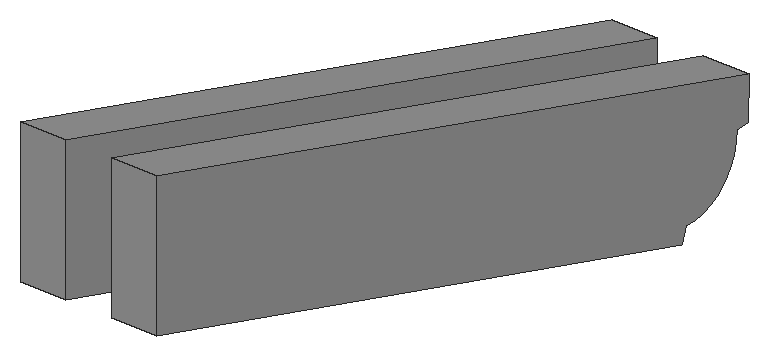
Revit family "STC_A3-DOUBLETRUSS-17,5-deg-600-OH", category Generic Models, Revit 2016
Family settings
  Part Type = Undefined
  Can host rebar = No
  Round Connector Dimension = Use Diameter
  Work Plane-Based = No
  Always vertical = Yes
  Cut with Voids When Loaded = No
  Shared = No
  Room Calculation Point = No
Parameters (values of type "Double Truss")
  MATERIAL = none
Reference planes
  plane 1: z = 0
  plane 2: x = 38
Forms (mm)
  Extrusion 1, solid, material "-TRUSS"
    sketch origin (0, 0, 121.273) x (0, 1, 0) y (0, 0, 1)
      loop
        line (-600, 189.179) -> (-600, 69.647) -> (-52.103, -103.104) -> (-48.228, -90.813)
        arc (-48.228, -90.813) -> (-10.603, -78.517) -> (4.67, -41.999) r 47.539
        line (4.67, -41.999) -> (17.17, -41.999) -> (17.17, -5.414) -> (-600, 189.179)
    from -19 to 19
  Extrusion 2, solid, material "-TRUSS"
    sketch origin (76, 0, 121.273) x (0, 1, 0) y (0, 0, 1)
      loop
        line (-600, 189.179) -> (-600, 69.647) -> (-52.103, -103.104) -> (-48.228, -90.813)
        arc (-48.228, -90.813) -> (-10.603, -78.517) -> (4.67, -41.999) r 47.539
        line (4.67, -41.999) -> (17.17, -41.999) -> (17.17, -5.414) -> (-600, 189.179)
    from -19 to 19
Dimensions and locks
  Extrusion 1 to plane 2 to Extrusion 2 = 19 mm locked, 19 mm locked
  Extrusion 1 to Extrusion 1 to plane 2 to Extrusion 2 to Extrusion 2 = 38 mm locked, 19 mm locked, 19 mm locked, 38 mm locked
